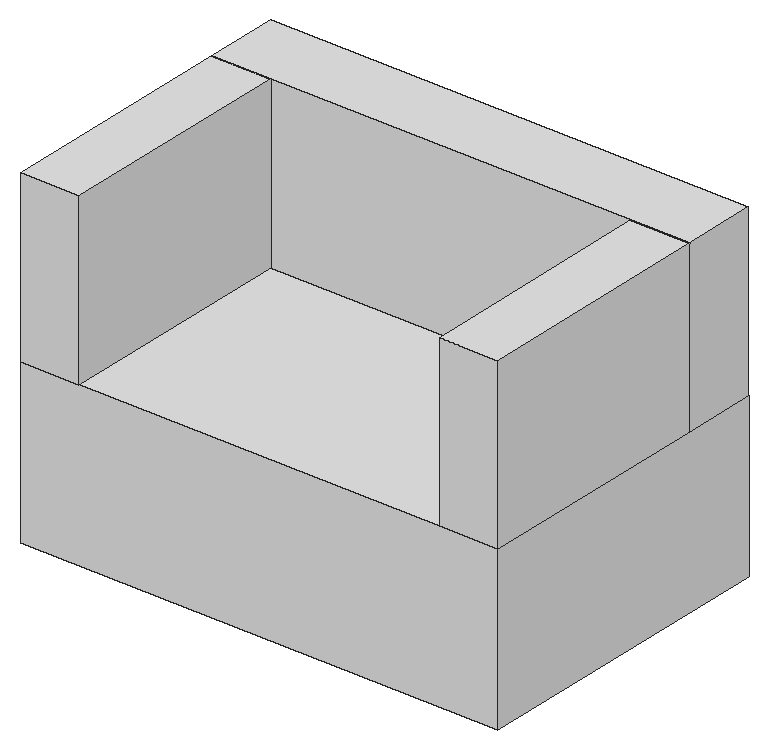
Revit family "LE Sofa", category Furniture, Revit 2018
Family settings
  OmniClass Number = 23.40.20.00
  OmniClass Title = General Furniture and Specialties
  Work Plane-Based = No
  Always vertical = Yes
  Cut with Voids When Loaded = No
  Shared = No
  Room Calculation Point = No
Parameters (values of type "1300x850mm 2 Seat Sofa")
  Width = 1300 mm
  URL = "https://studiole.uk"
  Seats = 2
  Seat Height = 440 mm
  Manufacturer = "LE"
  Line Count = Seats + 1  # 3
  Height = 400 mm
  Depth = 850 mm
  Sofa Material = Generic, White
  Backrest Depth = 200 mm
  Back Height = 900 mm
  Armrest Width = 160 mm
Types (4, lengths in mm): name | Width | Seats | Line Count
  (no name) | 1300 | 2 | 3
  1300x850mm 2 Seat Sofa | 1300 | 2 | 3
  850x850mm Armchair | 850 | 1 | 2
  1850x850mm 3 Seat Sofa | 1850 | 3 | 4
Reference planes
  plane 1 "Center (Front/Back)": y = 0
  plane 2: z = 0
  plane 3 "Center (Left/Right)": x = 0
  plane 4 "Left": x = -650
  plane 5 "Right": x = 650
  plane 6 "Back": y = 425
  plane 7 "Front": y = -425
  plane 8: y = 225
  plane 9: x = -490
  plane 10: x = 490
  plane 11 "Seat Height": z = 440
Forms (mm)
  Extrusion 1, solid, material "Generic, White" <- "Sofa Material"
    sketch origin (0, 0, 0) x (1, 0, 0) y (0, 1, 0)
      loop
        line (-650, 425) -> (-650, -425) -> (650, -425) -> (650, 425) -> (-650, 425)
    from 0 to 440 <- "Seat Height"
  Extrusion 2, solid, material "Generic, White" <- "Sofa Material"
    sketch origin (0, 0, 0) x (1, 0, 0) y (0, 1, 0)
      loop
        line (-650, 225) -> (650, 225) -> (650, 425) -> (-650, 425) -> (-650, 225)
    from 440 <- "Seat Height" to 900 <- "Back Height"
  Extrusion 3, solid, material "Generic, White" <- "Sofa Material"
    sketch origin (0, 0, 0) x (1, 0, 0) y (0, 1, 0)
      loop
        line (-490, -425) -> (-490, 225) -> (-650, 225) -> (-650, -425) -> (-490, -425)
    from 440 <- "Seat Height" to 900 <- "Back Height"
  Extrusion 4, solid, material "Generic, White" <- "Sofa Material"
    sketch origin (0, 0, 0) x (1, 0, 0) y (0, 1, 0)
      loop
        line (490, -425) -> (650, -425) -> (650, 225) -> (490, 225) -> (490, -425)
    from 440 <- "Seat Height" to 900 <- "Back Height"
Lines and regions (mm)
  model lines
    curve 1: line (-490, 225, 440) -> (-490, -425, 440)
    curve 2: line (490, 225, 440) -> (490, -425, 440)
    curve 3: line (0, 225, 440) -> (0, -425, 440)
Dimensions and locks
  equal spacing: plane 4 "Left", plane 3 "Center (Left/Right)", plane 5 "Right"
  "Width": plane 4 "Left" to plane 5 "Right"
  "Depth": plane 7 "Front" to plane 6 "Back"
  equal spacing: plane 7 "Front", plane 1 "Center (Front/Back)", plane 6 "Back"
  "Backrest Depth": plane 6 "Back" to plane 8
  "Armrest Width": plane 4 "Left" to plane 9
  "Armrest Width": plane 10 to plane 5 "Right"
  "Seat Height": plane 11 "Seat Height" to plane 2
  equal spacing: group 1, group 3, group 2  (x3)
  locked: plane 9 to curve 1 at 0
  locked: plane 10 to curve 2
  aligned and locked: level to plane 2
Automatic sketch dimensions
  Extrusion 1 sketch curve to plane 4 "Left" = 0 mm
  Extrusion 1 sketch curve to plane 5 "Right" = 0 mm
  plane 7 "Front" to Extrusion 1 sketch curve = 0 mm
  Extrusion 1 sketch curve to plane 6 "Back" = 0 mm
  Extrusion 2 sketch curve to plane 4 "Left" = 0 mm
  Extrusion 2 sketch curve to plane 5 "Right" = 0 mm
  Extrusion 2 sketch curve to plane 8 = 0 mm
  Extrusion 2 sketch curve to plane 6 "Back" = 0 mm
  Extrusion 3 sketch curve to plane 4 "Left" = 0 mm
  Extrusion 3 sketch curve to plane 8 = 0 mm
  Extrusion 3 sketch curve to plane 9 = 0 mm
  plane 7 "Front" to Extrusion 3 sketch curve = 0 mm
  Extrusion 4 sketch curve to plane 8 = 0 mm
  Extrusion 4 sketch curve to plane 10 = 0 mm
  Extrusion 4 sketch curve to plane 5 "Right" = 0 mm
  plane 7 "Front" to Extrusion 4 sketch curve = 0 mm
